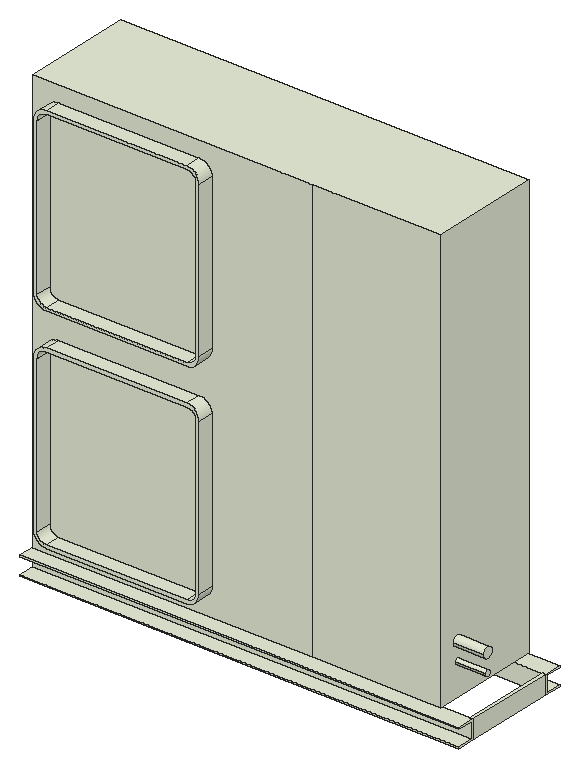
Revit family "Hydrablock 12-14-16", category Attrezzatura meccanica, Revit 2022
Family settings
  Quota connettore circolare = Usa diametro
  Tipo di parte = Normale
  Numero OmniClass = 23.75.00.00
  Titolo OmniClass = Climate Control (HVAC)
  Basato su piano di lavoro = No
  Sempre verticale = Sì
  Taglio con vuoti quando caricato = No
  Mantieni orientamento annotazione = No
  Condiviso = No
  Punto di calcolo locali = No
Parameters (values of type "Hydrablock 14 M")
  clearance access right = 600.000 mm
  clearance access left = 600.000 mm
  clearance access front = 1500.000 mm
  clearance access behind = 300.000 mm
  clearance [instance] = no
  Width = 1404.000 mm
  Water piping connections = 32.000 mm
  URL = "https://cac.midea.com/category/Heat-Pump-Water-Heater/M-Thermal-Mono"
  Series = "M-Thermal"
  Prospetto di default = 0.000 mm
  Power supply = "220-240V 1N~50Hz"
  Net Weight = 158.00 kg
  Modello = "MHC-V14W/D2N8"
  Minimum Circuit Amps = 26.8 A
  Min cable selection (power wiring) = "3×6 mm2"
  Produttore = "Midea"
  Machine material = Galvanized Steel
  MOP (Maximum overcurrent protection) = 30 A
  Installation = "Outdoor installation"
  Height = 1414.000 mm
  Heating capacity (EWT 40⁰C, LWT 45⁰C) = 14.1 kW
  Heating capacity (EWT 30⁰C, LWT 35⁰C) = 14.1 kW
  Heating Power Input (EWT 40⁰C, LWT 45⁰C) = 4.063 kW
  Heating Power Input (EWT 30⁰C, LWT 35⁰C) = 3.065 kW
  Gas = "R32"
  Drain piping = 16.000 mm
  Descrizione = "High efficiency air cooled"
  Depth = 405.000 mm
  Cooling capacity (EWT 23⁰C, LWT 18⁰C) = 14 kW
  Cooling capacity (EWT 12⁰C, LWT 7⁰C) = 12.9 kW
  Cooling Power Input(EWT 12⁰C, LWT 7⁰C) = 4.64 kW
  Cooling Power Input (EWT 23⁰C, LWT 18⁰C) = 3.101 kW
  Condensation = "air"
  Compressor = "1"
  Casing color = "SB2014"
  Air Flow = 6150 m³/h
Reference planes
  plane 1 "中心(前/后)": y = 0
  plane 2: z = 0
  plane 3 "中心(左/右)": x = 0
  plane 4: x = 1022.405
  plane 5: x = 1404
Forms (mm)
  Extrusion 1, solid, material "Galvanized Steel" <- "Machine material", detail levels medium+fine
    sketch origin (0, 0, 0) x (1, 0, 0) y (0, 1, 0)
      loop
        line (0, 3) -> (0, -352) -> (895, -352) -> (1304, -352) -> (1304, 3) -> (0, 3)
    from 60 to 1414
  Extrusion 2, solid, material "Galvanized Steel" <- "Machine material", detail levels fine
    sketch origin (0, -12.653, 0) x (0, 1, 0) y (0, 0, 1)
      loop
        circle (-274, 165) r 8
    from 1304 to 1404
  Extrusion 3, solid, material "Galvanized Steel" <- "Machine material", detail levels fine
    sketch origin (0, -74.653, 0) x (0, 1, 0) y (0, 0, 1)
      loop
        circle (-212, 224) r 16
    from 1304 to 1404
  Extrusion 4, solid, material "Galvanized Steel" <- "Machine material", detail levels fine
    sketch origin (1160, -352, -132) x (-1, 0, 0) y (0, 0, -1)
      loop
        arc (1075, -815) -> (1103.284, -803.284) -> (1115, -775) r 40
        line (1115, -775) -> (1115, -281)
        arc (1115, -281) -> (1103.284, -252.716) -> (1075, -241) r 40
        line (1075, -241) -> (627, -241)
        arc (627, -241) -> (598.716, -252.716) -> (587, -281) r 40
        line (587, -281) -> (587, -775)
        arc (587, -775) -> (598.716, -803.284) -> (627, -815) r 40
        line (627, -815) -> (1075, -815)
      loop
        arc (1075, -805) -> (1096.213, -796.213) -> (1105, -775) r 30
        line (1105, -775) -> (1105, -279)
        arc (1105, -279) -> (1096.799, -259.201) -> (1077, -251) r 28
        line (1077, -251) -> (627, -251)
        arc (627, -251) -> (605.849, -259.137) -> (597, -280) r 29.017
        line (597, -280) -> (597, -775)
        arc (597, -775) -> (605.787, -796.213) -> (627, -805) r 30
        line (627, -805) -> (1075, -805)
    from 0 to 50
  Extrusion 5, solid, not visible
    sketch origin (1160, -352, 0) x (-1, 0, 0) y (0, 0, -1)
      loop
        arc (1075, -815) -> (1103.284, -803.284) -> (1115, -775) r 40
        line (1115, -775) -> (1115, -281)
        arc (1115, -281) -> (1103.284, -252.716) -> (1075, -241) r 40
        line (1075, -241) -> (627, -241)
        arc (627, -241) -> (598.716, -252.716) -> (587, -281) r 40
        line (587, -281) -> (587, -775)
        arc (587, -775) -> (598.716, -803.284) -> (627, -815) r 40
        line (627, -815) -> (1075, -815)
      loop
        arc (1075, -805) -> (1096.213, -796.213) -> (1105, -775) r 30
        line (1105, -775) -> (1105, -279)
        arc (1105, -279) -> (1096.799, -259.201) -> (1077, -251) r 28
        line (1077, -251) -> (627, -251)
        arc (627, -251) -> (605.849, -259.137) -> (597, -280) r 29.017
        line (597, -280) -> (597, -775)
        arc (597, -775) -> (605.787, -796.213) -> (627, -805) r 30
        line (627, -805) -> (1075, -805)
    from 0 to 45
  Extrusion 6, solid, material "Galvanized Steel" <- "Machine material", not visible, detail levels fine
    sketch origin (1160, -352, -37) x (-1, 0, 0) y (0, 0, -1)
      loop
        arc (1075, -815) -> (1103.284, -803.284) -> (1115, -775) r 40
        line (1115, -775) -> (1115, -281)
        arc (1115, -281) -> (1103.284, -252.716) -> (1075, -241) r 40
        line (1075, -241) -> (627, -241)
        arc (627, -241) -> (598.716, -252.716) -> (587, -281) r 40
        line (587, -281) -> (587, -775)
        arc (587, -775) -> (598.716, -803.284) -> (627, -815) r 40
        line (627, -815) -> (1075, -815)
      loop
        arc (1075, -805) -> (1096.213, -796.213) -> (1105, -775) r 30
        line (1105, -775) -> (1105, -279)
        arc (1105, -279) -> (1096.799, -259.201) -> (1077, -251) r 28
        line (1077, -251) -> (627, -251)
        arc (627, -251) -> (605.849, -259.137) -> (597, -280) r 29.017
        line (597, -280) -> (597, -775)
        arc (597, -775) -> (605.787, -796.213) -> (627, -805) r 30
        line (627, -805) -> (1075, -805)
    from 0 to 51.5
  Extrusion 7, solid, material "Galvanized Steel" <- "Machine material", detail levels fine
    sketch origin (1160, -352, 548) x (-1, 0, 0) y (0, 0, -1)
      loop
        arc (1075, -815) -> (1103.284, -803.284) -> (1115, -775) r 40
        line (1115, -775) -> (1115, -281)
        arc (1115, -281) -> (1103.284, -252.716) -> (1075, -241) r 40
        line (1075, -241) -> (627, -241)
        arc (627, -241) -> (598.716, -252.716) -> (587, -281) r 40
        line (587, -281) -> (587, -775)
        arc (587, -775) -> (598.716, -803.284) -> (627, -815) r 40
        line (627, -815) -> (1075, -815)
      loop
        arc (1075, -805) -> (1096.213, -796.213) -> (1105, -775) r 30
        line (1105, -775) -> (1105, -279)
        arc (1105, -279) -> (1096.799, -259.201) -> (1077, -251) r 28
        line (1077, -251) -> (627, -251)
        arc (627, -251) -> (605.849, -259.137) -> (597, -280) r 29.017
        line (597, -280) -> (597, -775)
        arc (597, -775) -> (605.787, -796.213) -> (627, -805) r 30
        line (627, -805) -> (1075, -805)
    from 0 to 50
Lines and regions (mm)
  model lines, detail levels fine
    curve 1: line (603, -352, 1414) -> (603, -352, 70)
    curve 2: line (55, -402, 395) -> (563, -402, 395)
    curve 3: line (308, -402, 673) -> (308, -402, 119)
    curve 4: circle (308, -402, 396) r 10 normal (0, -1, 0)
    curve 5: circle (308, -402, 396) r 20 normal (0, -1, 0)
    curve 6: circle (308, -402, 396) r 30 normal (0, -1, 0)
    curve 7: circle (309, -402, 395) r 40 normal (0, -1, 0)
    curve 8: circle (308, -402, 396) r 50 normal (0, -1, 0)
    curve 9: circle (308, -402, 396) r 60 normal (0, -1, 0)
    curve 10: circle (308, -402, 396) r 70 normal (0, -1, 0)
    curve 11: circle (308, -402, 396) r 80 normal (0, -1, 0)
    curve 12: circle (308, -402, 396) r 90 normal (0, -1, 0)
    curve 13: circle (308, -402, 396) r 100 normal (0, -1, 0)
    curve 14: circle (308, -402, 396) r 110 normal (0, -1, 0)
    curve 15: circle (308, -402, 396) r 120 normal (0, -1, 0)
    curve 16: circle (308, -402, 396) r 130 normal (0, -1, 0)
    curve 17: circle (308, -402, 396) r 140 normal (0, -1, 0)
    curve 18: circle (308, -402, 396) r 150 normal (0, -1, 0)
    curve 19: circle (308, -402, 396) r 160 normal (0, -1, 0)
    curve 20: circle (308, -402, 396) r 170 normal (0, -1, 0)
    curve 21: circle (309, -402, 395) r 180 normal (0, -1, 0)
    curve 22: circle (308, -402, 396) r 190 normal (0, -1, 0)
    curve 23: circle (308, -402, 396) r 200 normal (0, -1, 0)
    curve 24: circle (308, -402, 396) r 210 normal (0, -1, 0)
    curve 25: circle (308, -402, 396) r 220 normal (0, -1, 0)
    curve 26: circle (308, -402, 396) r 230 normal (0, -1, 0)
    curve 27: circle (308, -402, 396) r 240 normal (0, -1, 0)
    curve 28: circle (308, -402, 396) r 250 normal (0, -1, 0)
    curve 29: line (83, -402, 119) -> (533, -402, 119)
    curve 30: line (563, -402, 148) -> (563, -402, 643)
    curve 31: line (533, -402, 673) -> (85, -402, 673)
    curve 32: line (55, -402, 643) -> (55, -402, 147)
    curve 33: arc (55, -402, 336.075) -> (312.698, -402, 136.042) -> (563, -402, 345.256) r 260
    curve 34: arc (55, -402, 455.925) -> (312.698, -402, 655.958) -> (563, -402, 446.744) r 260
    curve 35: arc (563, -402, 484.741) -> (310.95, -402, 665.984) -> (55, -402, 490.292) r 270
    curve 36: arc (563, -402, 511.65) -> (476.506, -402, 619.619) -> (348.878, -402, 673) r 280
    curve 37: arc (275.593, -402, 673) -> (144.488, -402, 621.574) -> (55, -402, 512.83) r 280
    curve 38: arc (348.878, -402, 119) -> (476.506, -402, 172.381) -> (563, -402, 280.35) r 280
    curve 39: arc (563, -402, 307.259) -> (310.95, -402, 126.016) -> (55, -402, 301.708) r 270
    curve 40: arc (393.855, -402, 119) -> (492.032, -402, 171.875) -> (563, -402, 257.888) r 290
    curve 41: arc (563, -402, 237.965) -> (502.423, -402, 167.527) -> (423.2, -402, 119) r 300
    curve 42: arc (447.18, -402, 119) -> (511.422, -402, 162.078) -> (563, -402, 219.719) r 310
    curve 43: arc (563, -402, 202.674) -> (519.784, -402, 156.11) -> (468.222, -402, 119) r 320
    curve 44: arc (487.363, -402, 119) -> (527.791, -402, 149.846) -> (563, -402, 186.536) r 330
    curve 45: arc (563, -402, 171.111) -> (535.575, -402, 143.394) -> (505.157, -402, 119) r 340
    curve 46: arc (521.942, -402, 119) -> (543.21, -402, 136.816) -> (563, -402, 156.261) r 350
    curve 47: arc (563, -402, 534.112) -> (492.032, -402, 620.125) -> (393.855, -402, 673) r 290
    curve 48: arc (423.2, -402, 673) -> (502.423, -402, 624.473) -> (563, -402, 554.035) r 300
    curve 49: arc (563, -402, 572.281) -> (511.422, -402, 629.922) -> (447.18, -402, 673) r 310
    curve 50: arc (563, -402, 589.326) -> (519.784, -402, 635.89) -> (468.222, -402, 673) r 320
    curve 51: arc (487.363, -402, 673) -> (527.791, -402, 642.154) -> (563, -402, 605.464) r 330
    curve 52: arc (505.157, -402, 673) -> (535.575, -402, 648.606) -> (563, -402, 620.889) r 340
    curve 53: arc (563, -402, 635.739) -> (543.21, -402, 655.184) -> (521.942, -402, 673) r 350
    curve 54: arc (222.145, -402, 673) -> (125.574, -402, 621.435) -> (55, -402, 537.743) r 290
    curve 55: arc (55, -402, 557.217) -> (115.012, -402, 625.686) -> (192.8, -402, 673) r 300
    curve 56: arc (55, -402, 575.14) -> (105.898, -402, 631.063) -> (168.82, -402, 673) r 310
    curve 57: arc (55, -402, 591.936) -> (97.451, -402, 636.975) -> (147.778, -402, 673) r 320
    curve 58: arc (55, -402, 607.875) -> (89.38, -402, 643.195) -> (128.637, -402, 673) r 330
    curve 59: arc (55, -402, 623.137) -> (81.545, -402, 649.61) -> (110.843, -402, 673) r 340
    curve 60: arc (55, -402, 637.849) -> (73.869, -402, 656.159) -> (94.058, -402, 673) r 350
    curve 61: arc (267.122, -402, 119) -> (141.398, -402, 170.958) -> (55, -402, 276.038) r 280
    curve 62: arc (55, -402, 254.257) -> (125.574, -402, 170.565) -> (222.145, -402, 119) r 290
    curve 63: arc (55, -402, 234.783) -> (115.012, -402, 166.314) -> (192.8, -402, 119) r 300
    curve 64: arc (55, -402, 216.86) -> (105.898, -402, 160.937) -> (168.82, -402, 119) r 310
    curve 65: arc (55, -402, 200.064) -> (97.451, -402, 155.025) -> (147.778, -402, 119) r 320
    curve 66: arc (55, -402, 184.125) -> (89.38, -402, 148.805) -> (128.637, -402, 119) r 330
    curve 67: arc (55, -402, 168.863) -> (81.545, -402, 142.39) -> (110.843, -402, 119) r 340
    curve 68: arc (55, -402, 154.151) -> (73.869, -402, 135.841) -> (94.058, -402, 119) r 350
    curve 69: arc (308, -402, 673) -> (169.5, -402, 534.5) -> (308, -402, 396) r 138.5
    curve 70: arc (308, -402, 396) -> (117.532, -402, 473.764) -> (168.82, -402, 673) r 156.438
    curve 71: arc (348.878, -402, 673) -> (257.458, -402, 544.975) -> (308, -402, 396) r 172.46
    curve 72: arc (308, -402, 396) -> (365.674, -402, 582.961) -> (539.779, -402, 672.224) r 251.861
    curve 73: arc (308, -402, 396) -> (433, -402, 521) -> (558, -402, 396) r 125
    curve 74: arc (308, -402, 396) -> (457.703, -402, 415.429) -> (563, -402, 307.259) r 168.671
    curve 75: arc (308, -402, 396) -> (463.817, -402, 300.324) -> (487.363, -402, 119) r 212.164
    curve 76: arc (308, -402, 396) -> (357.878, -402, 257.5) -> (308, -402, 119) r 217.229
    curve 77: arc (308, -402, 396) -> (256.677, -402, 214.52) -> (94.058, -402, 119) r 252.933
    curve 78: arc (308, -402, 396) -> (180.5, -402, 268.5) -> (53, -402, 396) r 127.5
    curve 79: line (813, -352, 795) -> (813, -352, 1020)
    curve 80: line (823, -352, 1020) -> (823, -352, 795)
    curve 81: line (813, -352, 1020) -> (830.5, -352, 1050.311)
    curve 82: line (830.5, -352, 1050.311) -> (860.811, -352, 1067.811)
    curve 83: line (823, -352, 1020) -> (835.5, -352, 1041.651)
    curve 84: line (835.5, -352, 1041.651) -> (865.811, -352, 1059.151)
    curve 85: line (860.811, -352, 1067.811) -> (868.311, -352, 1080.801)
    curve 86: line (865.811, -352, 1059.151) -> (880.811, -352, 1059.151)
    curve 87: line (868.311, -352, 1080.801) -> (989.554, -352, 1150.801)
    curve 88: line (880.811, -352, 1059.151) -> (1002.054, -352, 1129.151)
    curve 89: arc (989.554, -352, 1150.801) -> (1006.63, -352, 1146.226) -> (1002.054, -352, 1129.151) r 12.5
    curve 90: line (868.311, -352, 1139.103) -> (989.554, -352, 1209.103)
    curve 91: line (880.811, -352, 1117.452) -> (1002.054, -352, 1187.452)
    curve 92: arc (989.554, -352, 1209.103) -> (1006.63, -352, 1204.527) -> (1002.054, -352, 1187.452) r 12.5
    curve 93: arc (868.311, -352, 1139.103) -> (863.736, -352, 1122.027) -> (880.811, -352, 1117.452) r 12.5
    curve 94: line (868.311, -352, 1194.103) -> (989.554, -352, 1264.103)
    curve 95: line (880.811, -352, 1172.452) -> (1002.054, -352, 1242.452)
    curve 96: arc (868.311, -352, 1194.103) -> (863.736, -352, 1177.027) -> (880.811, -352, 1172.452) r 12.5
    curve 97: line (989.554, -352, 1264.103) -> (1004.554, -352, 1264.103)
    curve 98: line (1002.054, -352, 1242.452) -> (1008.394, -352, 1256.047)
    curve 99: line (1004.554, -352, 1264.103) -> (1017.136, -352, 1276.684)
    curve 100: line (1017.136, -352, 1276.684) -> (1020.475, -352, 1286.73)
    curve 101: line (1020.475, -352, 1286.73) -> (1020.475, -352, 1341.73)
    curve 102: line (1030.475, -352, 1341.73) -> (1030.475, -352, 1284.357)
    curve 103: line (1030.475, -352, 1284.357) -> (1025.032, -352, 1272.685)
    curve 104: line (1008.394, -352, 1256.047) -> (1025.032, -352, 1272.685)
    curve 105: line (70, -81.257, 1414) -> (1251.595, -81.257, 1414)
    curve 106: line (70, -121.257, 1414) -> (70, -81.257, 1414)
    curve 107: line (1251.595, -121.257, 1414) -> (70, -121.257, 1414)
    curve 108: line (1251.595, -81.257, 1414) -> (1251.595, -121.257, 1414)
    curve 109: line (70, -160.743, 1414) -> (1251.595, -160.743, 1414)
    curve 110: line (70, -200.743, 1414) -> (70, -160.743, 1414)
    curve 111: line (1251.595, -200.743, 1414) -> (70, -200.743, 1414)
    curve 112: line (1251.595, -160.743, 1414) -> (1251.595, -200.743, 1414)
    curve 113: line (70, -240.595, 1414) -> (1251.595, -240.595, 1414)
    curve 114: line (70, -280.595, 1414) -> (70, -240.595, 1414)
    curve 115: line (1251.595, -280.595, 1414) -> (70, -280.595, 1414)
    curve 116: line (1251.595, -240.595, 1414) -> (1251.595, -280.595, 1414)
    curve 194: line (0, -168, 140) -> (0, -95, 140)
    curve 195: line (0, -95, 140) -> (0, -95, 800)
    curve 196: line (0, -95, 800) -> (0, -168, 800)
    curve 197: line (0, -168, 140) -> (0, -168, 800)
    curve 198: line (0, -213, 786) -> (0, -330, 786)
    curve 199: line (0, -213, 786) -> (0, -213, 326)
    curve 200: line (0, -213, 326) -> (0, -330, 326)
    curve 201: line (0, -330, 786) -> (0, -330, 326)
    curve 291: arc (1169.686, -352, 1341.73) -> (1164.686, -352, 1346.73) -> (1159.686, -352, 1341.73) r 5
    curve 292: arc (823, -352, 326) -> (818, -352, 321) -> (813, -352, 326) r 5
    curve 293: line (696.992, -352, 1382.032) -> (1216.203, -352, 1382.032)
    curve 294: line (676.992, -352, 133.032) -> (676.992, -352, 1362.032)
    curve 295: line (1216.203, -352, 113.032) -> (696.992, -352, 113.032)
    curve 296: line (1236.203, -352, 1362.032) -> (1236.203, -352, 133.032)
    curve 297: arc (1236.203, -352, 1362.032) -> (1230.345, -352, 1376.174) -> (1216.203, -352, 1382.032) r 20
    curve 298: arc (676.992, -352, 1362.032) -> (682.85, -352, 1376.174) -> (696.992, -352, 1382.032) r 20
    curve 299: arc (676.992, -352, 133.032) -> (682.85, -352, 118.89) -> (696.992, -352, 113.032) r 20
    curve 300: arc (1236.203, -352, 133.032) -> (1230.345, -352, 118.89) -> (1216.203, -352, 113.032) r 20
    curve 301: line (55, -402, 1075) -> (563, -402, 1075)
    curve 302: line (308, -402, 1353) -> (308, -402, 799)
    curve 303: circle (308, -402, 1076) r 10 normal (0, -1, 0)
    curve 304: circle (308, -402, 1076) r 20 normal (0, -1, 0)
    curve 305: circle (308, -402, 1076) r 30 normal (0, -1, 0)
    curve 306: circle (309, -402, 1075) r 40 normal (0, -1, 0)
    curve 307: circle (308, -402, 1076) r 50 normal (0, -1, 0)
    curve 308: circle (308, -402, 1076) r 60 normal (0, -1, 0)
    curve 309: circle (308, -402, 1076) r 70 normal (0, -1, 0)
    curve 310: circle (308, -402, 1076) r 80 normal (0, -1, 0)
    curve 311: circle (308, -402, 1076) r 90 normal (0, -1, 0)
    curve 312: circle (308, -402, 1076) r 100 normal (0, -1, 0)
    curve 313: circle (308, -402, 1076) r 110 normal (0, -1, 0)
    curve 314: circle (308, -402, 1076) r 120 normal (0, -1, 0)
    curve 315: circle (308, -402, 1076) r 130 normal (0, -1, 0)
    curve 316: circle (308, -402, 1076) r 140 normal (0, -1, 0)
    curve 317: circle (308, -402, 1076) r 150 normal (0, -1, 0)
    curve 318: circle (308, -402, 1076) r 160 normal (0, -1, 0)
    curve 319: circle (308, -402, 1076) r 170 normal (0, -1, 0)
    curve 320: circle (309, -402, 1075) r 180 normal (0, -1, 0)
    curve 321: circle (308, -402, 1076) r 190 normal (0, -1, 0)
    curve 322: circle (308, -402, 1076) r 200 normal (0, -1, 0)
    curve 323: circle (308, -402, 1076) r 210 normal (0, -1, 0)
    curve 324: circle (308, -402, 1076) r 220 normal (0, -1, 0)
    curve 325: circle (308, -402, 1076) r 230 normal (0, -1, 0)
    curve 326: circle (308, -402, 1076) r 240 normal (0, -1, 0)
    curve 327: circle (308, -402, 1076) r 250 normal (0, -1, 0)
    curve 328: line (83, -402, 799) -> (533, -402, 799)
    curve 329: line (563, -402, 828) -> (563, -402, 1323)
    curve 330: line (533, -402, 1353) -> (85, -402, 1353)
    curve 331: line (55, -402, 1323) -> (55, -402, 827)
    curve 332: arc (55, -402, 1016.075) -> (312.698, -402, 816.042) -> (563, -402, 1025.256) r 260
    curve 333: arc (55, -402, 1135.925) -> (312.698, -402, 1335.958) -> (563, -402, 1126.744) r 260
    curve 334: arc (563, -402, 1164.741) -> (310.95, -402, 1345.984) -> (55, -402, 1170.292) r 270
    curve 335: arc (563, -402, 1191.65) -> (476.506, -402, 1299.619) -> (348.878, -402, 1353) r 280
    curve 336: arc (275.593, -402, 1353) -> (144.488, -402, 1301.574) -> (55, -402, 1192.83) r 280
    curve 337: arc (348.878, -402, 799) -> (476.506, -402, 852.381) -> (563, -402, 960.35) r 280
    curve 338: arc (563, -402, 987.259) -> (310.95, -402, 806.016) -> (55, -402, 981.708) r 270
    curve 339: arc (393.855, -402, 799) -> (492.032, -402, 851.875) -> (563, -402, 937.888) r 290
    curve 340: arc (563, -402, 917.965) -> (502.423, -402, 847.527) -> (423.2, -402, 799) r 300
    curve 341: arc (447.18, -402, 799) -> (511.422, -402, 842.078) -> (563, -402, 899.719) r 310
    curve 342: arc (563, -402, 882.674) -> (519.784, -402, 836.11) -> (468.222, -402, 799) r 320
    curve 343: arc (487.363, -402, 799) -> (527.791, -402, 829.846) -> (563, -402, 866.536) r 330
    curve 344: arc (563, -402, 851.111) -> (535.575, -402, 823.394) -> (505.157, -402, 799) r 340
    curve 345: arc (521.942, -402, 799) -> (543.21, -402, 816.816) -> (563, -402, 836.261) r 350
    curve 346: arc (563, -402, 1214.112) -> (492.032, -402, 1300.125) -> (393.855, -402, 1353) r 290
    curve 347: arc (423.2, -402, 1353) -> (502.423, -402, 1304.473) -> (563, -402, 1234.035) r 300
    curve 348: arc (563, -402, 1252.281) -> (511.422, -402, 1309.922) -> (447.18, -402, 1353) r 310
    curve 349: arc (563, -402, 1269.326) -> (519.784, -402, 1315.89) -> (468.222, -402, 1353) r 320
    curve 350: arc (487.363, -402, 1353) -> (527.791, -402, 1322.154) -> (563, -402, 1285.464) r 330
    curve 351: arc (505.157, -402, 1353) -> (535.575, -402, 1328.606) -> (563, -402, 1300.889) r 340
    curve 352: arc (563, -402, 1315.739) -> (543.21, -402, 1335.184) -> (521.942, -402, 1353) r 350
    curve 353: arc (222.145, -402, 1353) -> (125.574, -402, 1301.435) -> (55, -402, 1217.743) r 290
    curve 354: arc (55, -402, 1237.217) -> (115.012, -402, 1305.686) -> (192.8, -402, 1353) r 300
    curve 355: arc (55, -402, 1255.14) -> (105.898, -402, 1311.063) -> (168.82, -402, 1353) r 310
    curve 356: arc (55, -402, 1271.936) -> (97.451, -402, 1316.975) -> (147.778, -402, 1353) r 320
    curve 357: arc (55, -402, 1287.875) -> (89.38, -402, 1323.195) -> (128.637, -402, 1353) r 330
    curve 358: arc (55, -402, 1303.137) -> (81.545, -402, 1329.61) -> (110.843, -402, 1353) r 340
    curve 359: arc (55, -402, 1317.849) -> (73.869, -402, 1336.159) -> (94.058, -402, 1353) r 350
    curve 360: arc (267.122, -402, 799) -> (141.398, -402, 850.958) -> (55, -402, 956.038) r 280
    curve 361: arc (55, -402, 934.257) -> (125.574, -402, 850.565) -> (222.145, -402, 799) r 290
    curve 362: arc (55, -402, 914.783) -> (115.012, -402, 846.314) -> (192.8, -402, 799) r 300
    curve 363: arc (55, -402, 896.86) -> (105.898, -402, 840.937) -> (168.82, -402, 799) r 310
    curve 364: arc (55, -402, 880.064) -> (97.451, -402, 835.025) -> (147.778, -402, 799) r 320
    curve 365: arc (55, -402, 864.125) -> (89.38, -402, 828.805) -> (128.637, -402, 799) r 330
    curve 366: arc (55, -402, 848.863) -> (81.545, -402, 822.39) -> (110.843, -402, 799) r 340
    curve 367: arc (55, -402, 834.151) -> (73.869, -402, 815.841) -> (94.058, -402, 799) r 350
    curve 368: arc (308, -402, 1353) -> (169.5, -402, 1214.5) -> (308, -402, 1076) r 138.5
    curve 369: arc (308, -402, 1076) -> (117.532, -402, 1153.764) -> (168.82, -402, 1353) r 156.438
    curve 370: arc (348.878, -402, 1353) -> (257.458, -402, 1224.975) -> (308, -402, 1076) r 172.46
    curve 371: arc (308, -402, 1076) -> (365.674, -402, 1262.961) -> (539.779, -402, 1352.224) r 251.861
    curve 372: arc (308, -402, 1076) -> (433, -402, 1201) -> (558, -402, 1076) r 125
    curve 373: arc (308, -402, 1076) -> (457.703, -402, 1095.429) -> (563, -402, 987.259) r 168.671
    curve 374: arc (308, -402, 1076) -> (463.817, -402, 980.324) -> (487.363, -402, 799) r 212.164
    curve 375: arc (308, -402, 1076) -> (357.878, -402, 937.5) -> (308, -402, 799) r 217.229
    curve 376: arc (308, -402, 1076) -> (256.677, -402, 894.52) -> (94.058, -402, 799) r 252.933
    curve 377: arc (308, -402, 1076) -> (180.5, -402, 948.5) -> (53, -402, 1076) r 127.5
  model lines, not visible
    curve 117: line (55, -397, 527) -> (563, -397, 527)
    curve 118: line (308, -397, 805) -> (308, -397, 251)
    curve 119: circle (308, -397, 528) r 10 normal (0, -1, 0)
    curve 120: circle (308, -397, 528) r 20 normal (0, -1, 0)
    curve 121: circle (308, -397, 528) r 30 normal (0, -1, 0)
    curve 122: circle (309, -397, 527) r 40 normal (0, -1, 0)
    curve 123: circle (308, -397, 528) r 50 normal (0, -1, 0)
    curve 124: circle (308, -397, 528) r 60 normal (0, -1, 0)
    curve 125: circle (308, -397, 528) r 70 normal (0, -1, 0)
    curve 126: circle (308, -397, 528) r 80 normal (0, -1, 0)
    curve 127: circle (308, -397, 528) r 90 normal (0, -1, 0)
    curve 128: circle (308, -397, 528) r 100 normal (0, -1, 0)
    curve 129: circle (308, -397, 528) r 110 normal (0, -1, 0)
    curve 130: circle (308, -397, 528) r 120 normal (0, -1, 0)
    curve 131: circle (308, -397, 528) r 130 normal (0, -1, 0)
    curve 132: circle (308, -397, 528) r 140 normal (0, -1, 0)
    curve 133: circle (308, -397, 528) r 150 normal (0, -1, 0)
    curve 134: circle (308, -397, 528) r 160 normal (0, -1, 0)
    curve 135: circle (308, -397, 528) r 170 normal (0, -1, 0)
    curve 136: circle (309, -397, 527) r 180 normal (0, -1, 0)
    curve 137: circle (308, -397, 528) r 190 normal (0, -1, 0)
    curve 138: circle (308, -397, 528) r 200 normal (0, -1, 0)
    curve 139: circle (308, -397, 528) r 210 normal (0, -1, 0)
    curve 140: circle (308, -397, 528) r 220 normal (0, -1, 0)
    curve 141: circle (308, -397, 528) r 230 normal (0, -1, 0)
    curve 142: circle (308, -397, 528) r 240 normal (0, -1, 0)
    curve 143: circle (308, -397, 528) r 250 normal (0, -1, 0)
    curve 144: line (83, -397, 251) -> (533, -397, 251)
    curve 145: line (563, -397, 280) -> (563, -397, 775)
    curve 146: line (533, -397, 805) -> (85, -397, 805)
    curve 147: line (55, -397, 775) -> (55, -397, 279)
    curve 148: arc (55, -397, 468.075) -> (312.698, -397, 268.042) -> (563, -397, 477.256) r 260
    curve 149: arc (55, -397, 587.925) -> (312.698, -397, 787.958) -> (563, -397, 578.744) r 260
    curve 150: arc (563, -397, 616.741) -> (310.95, -397, 797.984) -> (55, -397, 622.292) r 270
    curve 151: arc (563, -397, 643.65) -> (476.506, -397, 751.619) -> (348.878, -397, 805) r 280
    curve 152: arc (275.593, -397, 805) -> (144.488, -397, 753.574) -> (55, -397, 644.83) r 280
    curve 153: arc (348.878, -397, 251) -> (476.506, -397, 304.381) -> (563, -397, 412.35) r 280
    curve 154: arc (563, -397, 439.259) -> (310.95, -397, 258.016) -> (55, -397, 433.708) r 270
    curve 155: arc (393.855, -397, 251) -> (492.032, -397, 303.875) -> (563, -397, 389.888) r 290
    curve 156: arc (563, -397, 369.965) -> (502.423, -397, 299.527) -> (423.2, -397, 251) r 300
    curve 157: arc (447.18, -397, 251) -> (511.422, -397, 294.078) -> (563, -397, 351.719) r 310
    curve 158: arc (563, -397, 334.674) -> (519.784, -397, 288.11) -> (468.222, -397, 251) r 320
    curve 159: arc (487.363, -397, 251) -> (527.791, -397, 281.846) -> (563, -397, 318.536) r 330
    curve 160: arc (563, -397, 303.111) -> (535.575, -397, 275.394) -> (505.157, -397, 251) r 340
    curve 161: arc (521.942, -397, 251) -> (543.21, -397, 268.816) -> (563, -397, 288.261) r 350
    curve 162: arc (563, -397, 666.112) -> (492.032, -397, 752.125) -> (393.855, -397, 805) r 290
    curve 163: arc (423.2, -397, 805) -> (502.423, -397, 756.473) -> (563, -397, 686.035) r 300
    curve 164: arc (563, -397, 704.281) -> (511.422, -397, 761.922) -> (447.18, -397, 805) r 310
    curve 165: arc (563, -397, 721.326) -> (519.784, -397, 767.89) -> (468.222, -397, 805) r 320
    curve 166: arc (487.363, -397, 805) -> (527.791, -397, 774.154) -> (563, -397, 737.464) r 330
    curve 167: arc (505.157, -397, 805) -> (535.575, -397, 780.606) -> (563, -397, 752.889) r 340
    curve 168: arc (563, -397, 767.739) -> (543.21, -397, 787.184) -> (521.942, -397, 805) r 350
    curve 169: arc (222.145, -397, 805) -> (125.574, -397, 753.435) -> (55, -397, 669.743) r 290
    curve 170: arc (55, -397, 689.217) -> (115.012, -397, 757.686) -> (192.8, -397, 805) r 300
    curve 171: arc (55, -397, 707.14) -> (105.898, -397, 763.063) -> (168.82, -397, 805) r 310
    curve 172: arc (55, -397, 723.936) -> (97.451, -397, 768.975) -> (147.778, -397, 805) r 320
    curve 173: arc (55, -397, 739.875) -> (89.38, -397, 775.195) -> (128.637, -397, 805) r 330
    curve 174: arc (55, -397, 755.137) -> (81.545, -397, 781.61) -> (110.843, -397, 805) r 340
    curve 175: arc (55, -397, 769.849) -> (73.869, -397, 788.159) -> (94.058, -397, 805) r 350
    curve 176: arc (267.122, -397, 251) -> (141.398, -397, 302.958) -> (55, -397, 408.038) r 280
    curve 177: arc (55, -397, 386.257) -> (125.574, -397, 302.565) -> (222.145, -397, 251) r 290
    curve 178: arc (55, -397, 366.783) -> (115.012, -397, 298.314) -> (192.8, -397, 251) r 300
    curve 179: arc (55, -397, 348.86) -> (105.898, -397, 292.937) -> (168.82, -397, 251) r 310
    curve 180: arc (55, -397, 332.064) -> (97.451, -397, 287.025) -> (147.778, -397, 251) r 320
    curve 181: arc (55, -397, 316.125) -> (89.38, -397, 280.805) -> (128.637, -397, 251) r 330
    curve 182: arc (55, -397, 300.863) -> (81.545, -397, 274.39) -> (110.843, -397, 251) r 340
    curve 183: arc (55, -397, 286.151) -> (73.869, -397, 267.841) -> (94.058, -397, 251) r 350
    curve 184: arc (308, -397, 805) -> (169.5, -397, 666.5) -> (308, -397, 528) r 138.5
    curve 185: arc (308, -397, 528) -> (117.532, -397, 605.764) -> (168.82, -397, 805) r 156.438
    curve 186: arc (348.878, -397, 805) -> (257.458, -397, 676.975) -> (308, -397, 528) r 172.46
    curve 187: arc (308, -397, 528) -> (365.674, -397, 714.961) -> (539.779, -397, 804.224) r 251.861
    curve 188: arc (308, -397, 528) -> (433, -397, 653) -> (558, -397, 528) r 125
    curve 189: arc (308, -397, 528) -> (457.703, -397, 547.429) -> (563, -397, 439.259) r 168.671
    curve 190: arc (308, -397, 528) -> (463.817, -397, 432.324) -> (487.363, -397, 251) r 212.164
    curve 191: arc (308, -397, 528) -> (357.878, -397, 389.5) -> (308, -397, 251) r 217.229
    curve 192: arc (308, -397, 528) -> (256.677, -397, 346.52) -> (94.058, -397, 251) r 252.933
    curve 193: arc (308, -397, 528) -> (180.5, -397, 400.5) -> (53, -397, 528) r 127.5
  model lines
    curve 202: line (0, -352, 1414) -> (0, 3, 1414)
    curve 203: line (0, 3, 1414) -> (1304, 3, 1414)
    curve 204: line (1304, -352, 1414) -> (0, -352, 1414)
    curve 205: line (0, -352, 60) -> (0, 3, 60)
    curve 206: line (0, 3, 60) -> (1304, 3, 60)
    curve 207: line (1304, -352, 60) -> (0, -352, 60)
    curve 208: line (0, 3, 1414) -> (0, 3, 60)
    curve 209: line (0, -352, 1414) -> (0, -352, 60)
    curve 210: line (1304, -352, 1414) -> (1304, -352, 60)
    curve 211: line (1304, -352, 60) -> (1304, 3, 60)
    curve 212: line (1304, 3, 60) -> (1304, 3, 1414)
    curve 213: line (1304, 3, 1414) -> (1304, -352, 1414)
  model lines, not visible, detail levels fine
    curve 214: line (55, -403.5, 490) -> (563, -403.5, 490)
    curve 215: line (308, -403.5, 768) -> (308, -403.5, 214)
    curve 216: circle (308, -403.5, 491) r 10 normal (0, -1, 0)
    curve 217: circle (308, -403.5, 491) r 20 normal (0, -1, 0)
    curve 218: circle (308, -403.5, 491) r 30 normal (0, -1, 0)
    curve 219: circle (309, -403.5, 490) r 40 normal (0, -1, 0)
    curve 220: circle (308, -403.5, 491) r 50 normal (0, -1, 0)
    curve 221: circle (308, -403.5, 491) r 60 normal (0, -1, 0)
    curve 222: circle (308, -403.5, 491) r 70 normal (0, -1, 0)
    curve 223: circle (308, -403.5, 491) r 80 normal (0, -1, 0)
    curve 224: circle (308, -403.5, 491) r 90 normal (0, -1, 0)
    curve 225: circle (308, -403.5, 491) r 100 normal (0, -1, 0)
    curve 226: circle (308, -403.5, 491) r 110 normal (0, -1, 0)
    curve 227: circle (308, -403.5, 491) r 120 normal (0, -1, 0)
    curve 228: circle (308, -403.5, 491) r 130 normal (0, -1, 0)
    curve 229: circle (308, -403.5, 491) r 140 normal (0, -1, 0)
    curve 230: circle (308, -403.5, 491) r 150 normal (0, -1, 0)
    curve 231: circle (308, -403.5, 491) r 160 normal (0, -1, 0)
    curve 232: circle (308, -403.5, 491) r 170 normal (0, -1, 0)
    curve 233: circle (309, -403.5, 490) r 180 normal (0, -1, 0)
    curve 234: circle (308, -403.5, 491) r 190 normal (0, -1, 0)
    curve 235: circle (308, -403.5, 491) r 200 normal (0, -1, 0)
    curve 236: circle (308, -403.5, 491) r 210 normal (0, -1, 0)
    curve 237: circle (308, -403.5, 491) r 220 normal (0, -1, 0)
    curve 238: circle (308, -403.5, 491) r 230 normal (0, -1, 0)
    curve 239: circle (308, -403.5, 491) r 240 normal (0, -1, 0)
    curve 240: circle (308, -403.5, 491) r 250 normal (0, -1, 0)
    curve 241: line (83, -403.5, 214) -> (533, -403.5, 214)
    curve 242: line (563, -403.5, 243) -> (563, -403.5, 738)
    curve 243: line (533, -403.5, 768) -> (85, -403.5, 768)
    curve 244: line (55, -403.5, 738) -> (55, -403.5, 242)
    curve 245: arc (55, -403.5, 431.075) -> (312.698, -403.5, 231.042) -> (563, -403.5, 440.256) r 260
    curve 246: arc (55, -403.5, 550.925) -> (312.698, -403.5, 750.958) -> (563, -403.5, 541.744) r 260
    curve 247: arc (563, -403.5, 579.741) -> (310.95, -403.5, 760.984) -> (55, -403.5, 585.292) r 270
    curve 248: arc (563, -403.5, 606.65) -> (476.506, -403.5, 714.619) -> (348.878, -403.5, 768) r 280
    curve 249: arc (275.593, -403.5, 768) -> (144.488, -403.5, 716.574) -> (55, -403.5, 607.83) r 280
    curve 250: arc (348.878, -403.5, 214) -> (476.506, -403.5, 267.381) -> (563, -403.5, 375.35) r 280
    curve 251: arc (563, -403.5, 402.259) -> (310.95, -403.5, 221.016) -> (55, -403.5, 396.708) r 270
    curve 252: arc (393.855, -403.5, 214) -> (492.032, -403.5, 266.875) -> (563, -403.5, 352.888) r 290
    curve 253: arc (563, -403.5, 332.965) -> (502.423, -403.5, 262.527) -> (423.2, -403.5, 214) r 300
    curve 254: arc (447.18, -403.5, 214) -> (511.422, -403.5, 257.078) -> (563, -403.5, 314.719) r 310
    curve 255: arc (563, -403.5, 297.674) -> (519.784, -403.5, 251.11) -> (468.222, -403.5, 214) r 320
    curve 256: arc (487.363, -403.5, 214) -> (527.791, -403.5, 244.846) -> (563, -403.5, 281.536) r 330
    curve 257: arc (563, -403.5, 266.111) -> (535.575, -403.5, 238.394) -> (505.157, -403.5, 214) r 340
    curve 258: arc (521.942, -403.5, 214) -> (543.21, -403.5, 231.816) -> (563, -403.5, 251.261) r 350
    curve 259: arc (563, -403.5, 629.112) -> (492.032, -403.5, 715.125) -> (393.855, -403.5, 768) r 290
    curve 260: arc (423.2, -403.5, 768) -> (502.423, -403.5, 719.473) -> (563, -403.5, 649.035) r 300
    curve 261: arc (563, -403.5, 667.281) -> (511.422, -403.5, 724.922) -> (447.18, -403.5, 768) r 310
    curve 262: arc (563, -403.5, 684.326) -> (519.784, -403.5, 730.89) -> (468.222, -403.5, 768) r 320
    curve 263: arc (487.363, -403.5, 768) -> (527.791, -403.5, 737.154) -> (563, -403.5, 700.464) r 330
    curve 264: arc (505.157, -403.5, 768) -> (535.575, -403.5, 743.606) -> (563, -403.5, 715.889) r 340
    curve 265: arc (563, -403.5, 730.739) -> (543.21, -403.5, 750.184) -> (521.942, -403.5, 768) r 350
    curve 266: arc (222.145, -403.5, 768) -> (125.574, -403.5, 716.435) -> (55, -403.5, 632.743) r 290
    curve 267: arc (55, -403.5, 652.217) -> (115.012, -403.5, 720.686) -> (192.8, -403.5, 768) r 300
    curve 268: arc (55, -403.5, 670.14) -> (105.898, -403.5, 726.063) -> (168.82, -403.5, 768) r 310
    curve 269: arc (55, -403.5, 686.936) -> (97.451, -403.5, 731.975) -> (147.778, -403.5, 768) r 320
    curve 270: arc (55, -403.5, 702.875) -> (89.38, -403.5, 738.195) -> (128.637, -403.5, 768) r 330
    curve 271: arc (55, -403.5, 718.137) -> (81.545, -403.5, 744.61) -> (110.843, -403.5, 768) r 340
    curve 272: arc (55, -403.5, 732.849) -> (73.869, -403.5, 751.159) -> (94.058, -403.5, 768) r 350
    curve 273: arc (267.122, -403.5, 214) -> (141.398, -403.5, 265.958) -> (55, -403.5, 371.038) r 280
    curve 274: arc (55, -403.5, 349.257) -> (125.574, -403.5, 265.565) -> (222.145, -403.5, 214) r 290
    curve 275: arc (55, -403.5, 329.783) -> (115.012, -403.5, 261.314) -> (192.8, -403.5, 214) r 300
    curve 276: arc (55, -403.5, 311.86) -> (105.898, -403.5, 255.937) -> (168.82, -403.5, 214) r 310
    curve 277: arc (55, -403.5, 295.064) -> (97.451, -403.5, 250.025) -> (147.778, -403.5, 214) r 320
    curve 278: arc (55, -403.5, 279.125) -> (89.38, -403.5, 243.805) -> (128.637, -403.5, 214) r 330
    curve 279: arc (55, -403.5, 263.863) -> (81.545, -403.5, 237.39) -> (110.843, -403.5, 214) r 340
    curve 280: arc (55, -403.5, 249.151) -> (73.869, -403.5, 230.841) -> (94.058, -403.5, 214) r 350
    curve 281: arc (308, -403.5, 768) -> (169.5, -403.5, 629.5) -> (308, -403.5, 491) r 138.5
    curve 282: arc (308, -403.5, 491) -> (117.532, -403.5, 568.764) -> (168.82, -403.5, 768) r 156.438
    curve 283: arc (348.878, -403.5, 768) -> (257.458, -403.5, 639.975) -> (308, -403.5, 491) r 172.46
    curve 284: arc (308, -403.5, 491) -> (365.674, -403.5, 677.961) -> (539.779, -403.5, 767.224) r 251.861
    curve 285: arc (308, -403.5, 491) -> (433, -403.5, 616) -> (558, -403.5, 491) r 125
    curve 286: arc (308, -403.5, 491) -> (457.703, -403.5, 510.429) -> (563, -403.5, 402.259) r 168.671
    curve 287: arc (308, -403.5, 491) -> (463.817, -403.5, 395.324) -> (487.363, -403.5, 214) r 212.164
    curve 288: arc (308, -403.5, 491) -> (357.878, -403.5, 352.5) -> (308, -403.5, 214) r 217.229
    curve 289: arc (308, -403.5, 491) -> (256.677, -403.5, 309.52) -> (94.058, -403.5, 214) r 252.933
    curve 290: arc (308, -403.5, 491) -> (180.5, -403.5, 363.5) -> (53, -403.5, 491) r 127.5
Dimensions and locks
  "Height": Extrusion 1 to level
  "Width": Extrusion 1 to Extrusion 3
  "clearance access front": nested 1 to nested 1
  "clearance access right": nested 2 to nested 2
  "clearance access behind": nested 3 to nested 3
  "clearance access left": nested 4 to nested 4
  "Depth": nested 3 to nested 2
  "Water piping connections": diameter of Extrusion 3
  "Drain piping": diameter of Extrusion 2
  aligned and locked: level to plane 2
Automatic sketch dimensions
  Extrusion 6 sketch curve to Extrusion 6 sketch curve = 0.000 mm  (x9)
  Extrusion 6 sketch curve to Extrusion 6 sketch curve = 10.000 mm
  Extrusion 6 sketch curve to Extrusion 6 sketch curve = 30.000 mm  (x3)
  Extrusion 6 sketch curve to Extrusion 6 sketch curve = 2.000 mm
  Extrusion 6 sketch curve to Extrusion 6 sketch curve = 28.000 mm
  Extrusion 6 sketch curve to Extrusion 6 sketch curve = 0.983 mm
  Extrusion 6 sketch curve to Extrusion 6 sketch curve = 1.000 mm
  Extrusion 6 sketch curve to Extrusion 6 sketch curve = 448.000 mm
  Extrusion 6 sketch curve to Extrusion 6 sketch curve = 494.000 mm
  plane 1 "中心(前/后)" to curve 201 = 330.000 mm
  level to curve 194 = 140.000 mm
  curve 198 to curve 199 = 117.000 mm
  plane 1 "中心(前/后)" to curve 197 = 168.000 mm
  curve 194 to curve 195 = 73.000 mm
  curve 194 to curve 199 = 186.000 mm
  curve 200 to curve 198 = 460.000 mm
  curve 198 to curve 195 = 14.000 mm
  Extrusion 1 sketch curve to plane 1 "中心(前/后)" = 3.000 mm
  Extrusion 1 sketch curve to plane 3 "中心(左/右)" = 0.000 mm
  plane 4 to Extrusion 1 sketch curve = 127.405 mm
  plane 1 "中心(前/后)" to Extrusion 1 sketch curve = 352.000 mm
  Extrusion 1 sketch curve to plane 4 = 281.595 mm
  plane 1 "中心(前/后)" to Extrusion 2 sketch curve = 286.653 mm
  level to Extrusion 2 sketch curve = 165.000 mm
  plane 1 "中心(前/后)" to Extrusion 3 sketch curve = 286.653 mm
  level to Extrusion 3 sketch curve = 224.000 mm
  Extrusion 1 to curve 103 = 135.475 mm
  Extrusion 1 to curve 101 = 127.270 mm
  curve 1 to Extrusion 1 = 0.000 mm
  curve 102 to curve 103 = 5.443 mm
  curve 102 to curve 101 = 10.000 mm
  curve 103 to curve 100 = 7.896 mm
  curve 99 to curve 98 = 8.742 mm
  curve 98 to curve 97 = 3.839 mm
  curve 98 to curve 95 = 6.339 mm
  curve 95 to curve 91 = 0.000 mm
  curve 91 to curve 88 = 0.000 mm
  curve 92 to curve 90 = 12.500 mm
  curve 97 to curve 97 = 15.000 mm
  curve 89 to curve 87 = 12.500 mm
  curve 91 to Extrusion 1 = 14.189 mm
  curve 86 to Extrusion 1 = 14.189 mm
  curve 95 to Extrusion 1 = 14.189 mm
  curve 91 to curve 90 = 12.500 mm
  curve 95 to curve 94 = 12.500 mm
  curve 86 to curve 85 = 12.500 mm
  curve 86 to curve 86 = 15.000 mm
  curve 84 to curve 82 = 5.000 mm
  curve 84 to curve 84 = 30.311 mm
  curve 83 to curve 81 = 5.000 mm
  curve 83 to curve 83 = 12.500 mm
  curve 80 to curve 79 = 10.000 mm
  curve 92 to curve 90 = 6.250 mm
  curve 89 to curve 87 = 6.250 mm
  curve 93 to curve 90 = 6.250 mm
  curve 96 to curve 94 = 6.250 mm
  curve 1 to Extrusion 1 = 292.000 mm
  curve 100 to curve 103 = 2.373 mm
  curve 100 to curve 99 = 10.046 mm
  curve 99 to curve 103 = 3.999 mm
  curve 99 to curve 97 = 12.581 mm
  curve 97 to curve 104 = 8.056 mm
  curve 98 to curve 95 = 13.595 mm
  curve 95 to curve 90 = 33.349 mm  (x2)
  curve 90 to curve 94 = 15.000 mm
  curve 90 to curve 91 = 21.651 mm  (x2)
  curve 94 to curve 95 = 21.651 mm
  curve 91 to curve 87 = 36.651 mm
  curve 87 to curve 88 = 21.651 mm
  curve 93 to curve 85 = 36.651 mm
  curve 85 to curve 85 = 12.990 mm
  curve 82 to curve 88 = 8.660 mm
  curve 82 to curve 82 = 17.500 mm
  curve 81 to curve 83 = 8.660 mm
  curve 83 to curve 79 = 21.651 mm
  curve 83 to curve 79 = 0.000 mm
  curve 101 to curve 100 = 55.000 mm
  curve 102 to curve 101 = 0.000 mm
  curve 79 to curve 79 = 225.000 mm
  curve 80 to curve 79 = 0.000 mm
  Extrusion 1 to curve 1 = 10.000 mm
  Extrusion 4 sketch curve to Extrusion 4 sketch curve = 0.000 mm  (x5)
  plane 3 "中心(左/右)" to Extrusion 4 sketch curve = 573.000 mm
  plane 3 "中心(左/右)" to Extrusion 4 sketch curve = 533.000 mm
  level to Extrusion 4 sketch curve = 683.000 mm
  Extrusion 4 sketch curve to Extrusion 4 sketch curve = 10.000 mm
  Extrusion 4 sketch curve to Extrusion 4 sketch curve = 30.000 mm
  plane 3 "中心(左/右)" to Extrusion 4 sketch curve = 85.000 mm  (x2)
  Extrusion 4 sketch curve to Extrusion 4 sketch curve = 2.000 mm
  Extrusion 4 sketch curve to Extrusion 4 sketch curve = 28.000 mm
  Extrusion 4 sketch curve to Extrusion 4 sketch curve = 0.983 mm
  level to Extrusion 4 sketch curve = 149.000 mm
  Extrusion 4 sketch curve to Extrusion 4 sketch curve = 1.000 mm
  curve 4 to curve 5 = 0.000 mm  (x2)
  curve 4 to curve 6 = 0.000 mm  (x2)
  curve 4 to curve 8 = 0.000 mm  (x2)
  curve 4 to curve 9 = 0.000 mm  (x2)
  curve 4 to curve 10 = 0.000 mm  (x2)
  curve 4 to curve 11 = 0.000 mm  (x2)
  curve 4 to curve 12 = 0.000 mm  (x2)
  curve 4 to curve 13 = 0.000 mm  (x2)
  curve 4 to curve 14 = 0.000 mm  (x2)
  curve 4 to curve 15 = 0.000 mm  (x2)
  curve 4 to curve 16 = 0.000 mm  (x2)
  curve 4 to curve 17 = 0.000 mm  (x2)
  curve 4 to curve 18 = 0.000 mm  (x2)
  curve 4 to curve 19 = 0.000 mm  (x2)
  curve 4 to curve 20 = 0.000 mm  (x2)
  curve 4 to curve 22 = 0.000 mm  (x2)
  curve 4 to curve 23 = 0.000 mm  (x2)
  curve 4 to curve 24 = 0.000 mm  (x2)
  curve 4 to curve 25 = 0.000 mm  (x2)
  curve 4 to curve 26 = 0.000 mm  (x2)
  curve 4 to curve 27 = 0.000 mm  (x2)
  curve 4 to curve 28 = 0.000 mm  (x2)
  curve 4 to curve 33 = 0.000 mm  (x2)
  curve 4 to curve 34 = 0.000 mm  (x2)
  curve 4 to curve 35 = 0.000 mm  (x2)
  curve 4 to curve 36 = 0.000 mm  (x2)
  curve 4 to curve 38 = 0.000 mm  (x2)
  curve 4 to curve 39 = 0.000 mm  (x2)
  curve 4 to curve 40 = 0.000 mm  (x2)
  curve 4 to curve 41 = 0.000 mm  (x2)
  curve 4 to curve 42 = 0.000 mm  (x2)
  curve 4 to curve 43 = 0.000 mm  (x2)
  curve 4 to curve 44 = 0.000 mm  (x2)
  curve 4 to curve 45 = 0.000 mm  (x2)
  curve 4 to curve 46 = 0.000 mm  (x2)
  curve 4 to curve 47 = 0.000 mm  (x2)
  curve 4 to curve 48 = 0.000 mm  (x2)
  curve 4 to curve 49 = 0.000 mm  (x2)
  curve 4 to curve 50 = 0.000 mm  (x2)
  curve 4 to curve 51 = 0.000 mm  (x2)
  curve 4 to curve 52 = 0.000 mm  (x2)
  curve 4 to curve 53 = 0.000 mm  (x2)
  curve 4 to curve 54 = 0.000 mm  (x2)
  curve 4 to curve 55 = 0.000 mm  (x2)
  curve 4 to curve 56 = 0.000 mm  (x2)
  curve 4 to curve 57 = 0.000 mm  (x2)
  curve 4 to curve 58 = 0.000 mm  (x2)
  curve 4 to curve 59 = 0.000 mm  (x2)
  curve 4 to curve 60 = 0.000 mm  (x2)
  curve 4 to curve 61 = 0.000 mm  (x2)
  curve 4 to curve 62 = 0.000 mm  (x2)
  curve 4 to curve 63 = 0.000 mm  (x2)
  curve 4 to curve 64 = 0.000 mm  (x2)
  curve 4 to curve 65 = 0.000 mm  (x2)
  curve 4 to curve 66 = 0.000 mm  (x2)
  curve 4 to curve 67 = 0.000 mm  (x2)
  curve 4 to curve 68 = 0.000 mm  (x2)
  curve 5 to curve 6 = 0.000 mm  (x2)
  curve 5 to curve 8 = 0.000 mm  (x2)
  curve 5 to curve 9 = 0.000 mm  (x2)
  curve 5 to curve 10 = 0.000 mm  (x2)
  curve 5 to curve 11 = 0.000 mm  (x2)
  curve 5 to curve 12 = 0.000 mm  (x2)
  curve 5 to curve 13 = 0.000 mm  (x2)
  curve 5 to curve 14 = 0.000 mm  (x2)
  curve 5 to curve 15 = 0.000 mm  (x2)
  curve 5 to curve 16 = 0.000 mm  (x2)
  curve 5 to curve 17 = 0.000 mm  (x2)
  curve 5 to curve 18 = 0.000 mm  (x2)
  curve 5 to curve 19 = 0.000 mm  (x2)
  curve 5 to curve 20 = 0.000 mm  (x2)
  curve 5 to curve 22 = 0.000 mm  (x2)
  curve 5 to curve 23 = 0.000 mm  (x2)
  curve 5 to curve 24 = 0.000 mm  (x2)
  curve 5 to curve 25 = 0.000 mm  (x2)
  curve 5 to curve 26 = 0.000 mm  (x2)
  curve 5 to curve 27 = 0.000 mm  (x2)
  curve 5 to curve 28 = 0.000 mm  (x2)
  curve 5 to curve 33 = 0.000 mm  (x2)
  curve 5 to curve 34 = 0.000 mm  (x2)
  curve 5 to curve 35 = 0.000 mm  (x2)
  curve 5 to curve 36 = 0.000 mm  (x2)
  curve 5 to curve 38 = 0.000 mm  (x2)
  curve 5 to curve 39 = 0.000 mm  (x2)
  curve 5 to curve 40 = 0.000 mm  (x2)
  curve 5 to curve 41 = 0.000 mm  (x2)
  curve 5 to curve 42 = 0.000 mm  (x2)
  curve 5 to curve 43 = 0.000 mm  (x2)
  curve 5 to curve 44 = 0.000 mm  (x2)
  curve 5 to curve 45 = 0.000 mm  (x2)
  curve 5 to curve 46 = 0.000 mm  (x2)
  curve 5 to curve 47 = 0.000 mm  (x2)
  curve 5 to curve 48 = 0.000 mm  (x2)
  curve 5 to curve 49 = 0.000 mm  (x2)
  curve 5 to curve 50 = 0.000 mm  (x2)
  curve 5 to curve 51 = 0.000 mm  (x2)
  curve 5 to curve 52 = 0.000 mm  (x2)
  curve 5 to curve 53 = 0.000 mm  (x2)
  curve 5 to curve 54 = 0.000 mm  (x2)
  curve 5 to curve 55 = 0.000 mm  (x2)
  curve 5 to curve 56 = 0.000 mm  (x2)
  curve 5 to curve 57 = 0.000 mm  (x2)
  curve 5 to curve 58 = 0.000 mm  (x2)
  curve 5 to curve 59 = 0.000 mm  (x2)
  curve 5 to curve 60 = 0.000 mm  (x2)
  curve 5 to curve 61 = 0.000 mm  (x2)
  curve 5 to curve 62 = 0.000 mm  (x2)
  curve 5 to curve 63 = 0.000 mm  (x2)
  curve 5 to curve 64 = 0.000 mm  (x2)
  curve 5 to curve 65 = 0.000 mm  (x2)
  curve 5 to curve 66 = 0.000 mm  (x2)
  curve 5 to curve 67 = 0.000 mm  (x2)
  curve 5 to curve 68 = 0.000 mm  (x2)
  curve 6 to curve 8 = 0.000 mm  (x2)
  curve 6 to curve 9 = 0.000 mm  (x2)
  curve 6 to curve 10 = 0.000 mm  (x2)
  curve 6 to curve 11 = 0.000 mm  (x2)
  curve 6 to curve 12 = 0.000 mm  (x2)
  curve 6 to curve 13 = 0.000 mm  (x2)
  curve 6 to curve 14 = 0.000 mm  (x2)
  curve 6 to curve 15 = 0.000 mm  (x2)
  curve 6 to curve 16 = 0.000 mm  (x2)
  curve 6 to curve 17 = 0.000 mm  (x2)
  curve 6 to curve 18 = 0.000 mm  (x2)
  curve 6 to curve 19 = 0.000 mm  (x2)
  curve 6 to curve 20 = 0.000 mm  (x2)
  curve 6 to curve 22 = 0.000 mm  (x2)
  curve 6 to curve 23 = 0.000 mm  (x2)
  curve 6 to curve 24 = 0.000 mm  (x2)
  curve 6 to curve 25 = 0.000 mm  (x2)
  curve 6 to curve 26 = 0.000 mm  (x2)
  curve 6 to curve 27 = 0.000 mm  (x2)
  curve 6 to curve 28 = 0.000 mm  (x2)
  curve 6 to curve 33 = 0.000 mm  (x2)
  curve 6 to curve 34 = 0.000 mm  (x2)
  curve 6 to curve 35 = 0.000 mm  (x2)
  curve 6 to curve 36 = 0.000 mm  (x2)
  curve 6 to curve 38 = 0.000 mm  (x2)
  curve 6 to curve 39 = 0.000 mm  (x2)
  curve 6 to curve 40 = 0.000 mm  (x2)
  curve 6 to curve 41 = 0.000 mm  (x2)
  curve 6 to curve 42 = 0.000 mm  (x2)
  curve 6 to curve 43 = 0.000 mm  (x2)
  curve 6 to curve 44 = 0.000 mm  (x2)
  curve 6 to curve 45 = 0.000 mm  (x2)
  curve 6 to curve 46 = 0.000 mm  (x2)
  curve 6 to curve 47 = 0.000 mm  (x2)
  curve 6 to curve 48 = 0.000 mm  (x2)
  curve 6 to curve 49 = 0.000 mm  (x2)
  curve 6 to curve 50 = 0.000 mm  (x2)
  curve 6 to curve 51 = 0.000 mm  (x2)
  curve 6 to curve 52 = 0.000 mm  (x2)
  curve 6 to curve 53 = 0.000 mm  (x2)
  curve 6 to curve 54 = 0.000 mm  (x2)
  curve 6 to curve 55 = 0.000 mm  (x2)
  curve 6 to curve 56 = 0.000 mm  (x2)
  curve 6 to curve 57 = 0.000 mm  (x2)
  curve 6 to curve 58 = 0.000 mm  (x2)
  curve 6 to curve 59 = 0.000 mm  (x2)
  curve 6 to curve 60 = 0.000 mm  (x2)
  curve 6 to curve 61 = 0.000 mm  (x2)
  curve 6 to curve 62 = 0.000 mm  (x2)
  curve 6 to curve 63 = 0.000 mm  (x2)
  curve 6 to curve 64 = 0.000 mm  (x2)
  curve 6 to curve 65 = 0.000 mm  (x2)
  curve 6 to curve 66 = 0.000 mm  (x2)
  curve 6 to curve 67 = 0.000 mm  (x2)
  curve 6 to curve 68 = 0.000 mm  (x2)
  curve 7 to curve 21 = 0.000 mm  (x2)
  curve 7 to curve 37 = 0.000 mm  (x2)
  curve 8 to curve 9 = 0.000 mm  (x2)
  curve 8 to curve 10 = 0.000 mm  (x2)
  curve 8 to curve 11 = 0.000 mm  (x2)
  curve 8 to curve 12 = 0.000 mm  (x2)
  curve 8 to curve 13 = 0.000 mm  (x2)
  curve 8 to curve 14 = 0.000 mm  (x2)
  curve 8 to curve 15 = 0.000 mm  (x2)
  curve 8 to curve 16 = 0.000 mm  (x2)
  curve 8 to curve 17 = 0.000 mm  (x2)
  curve 8 to curve 18 = 0.000 mm  (x2)
  curve 8 to curve 19 = 0.000 mm  (x2)
  curve 8 to curve 20 = 0.000 mm  (x2)
  curve 8 to curve 22 = 0.000 mm  (x2)
  curve 8 to curve 23 = 0.000 mm  (x2)
  curve 8 to curve 24 = 0.000 mm  (x2)
  curve 8 to curve 25 = 0.000 mm  (x2)
  curve 8 to curve 26 = 0.000 mm  (x2)
  curve 8 to curve 27 = 0.000 mm  (x2)
  curve 8 to curve 28 = 0.000 mm  (x2)
  curve 8 to curve 33 = 0.000 mm  (x2)
  curve 8 to curve 34 = 0.000 mm  (x2)
  curve 8 to curve 35 = 0.000 mm  (x2)
  curve 8 to curve 36 = 0.000 mm  (x2)
  curve 8 to curve 38 = 0.000 mm  (x2)
  curve 8 to curve 39 = 0.000 mm  (x2)
  curve 8 to curve 40 = 0.000 mm  (x2)
  curve 8 to curve 41 = 0.000 mm  (x2)
  curve 8 to curve 42 = 0.000 mm  (x2)
  curve 8 to curve 43 = 0.000 mm  (x2)
  curve 8 to curve 44 = 0.000 mm  (x2)
  curve 8 to curve 45 = 0.000 mm  (x2)
  curve 8 to curve 46 = 0.000 mm  (x2)
  curve 8 to curve 47 = 0.000 mm  (x2)
  curve 8 to curve 48 = 0.000 mm  (x2)
  curve 8 to curve 49 = 0.000 mm  (x2)
  curve 8 to curve 50 = 0.000 mm  (x2)
  curve 8 to curve 51 = 0.000 mm  (x2)
  curve 8 to curve 52 = 0.000 mm  (x2)
  curve 8 to curve 53 = 0.000 mm  (x2)
  curve 8 to curve 54 = 0.000 mm  (x2)
  curve 8 to curve 55 = 0.000 mm  (x2)
  curve 8 to curve 56 = 0.000 mm  (x2)
  curve 8 to curve 57 = 0.000 mm  (x2)
  curve 8 to curve 58 = 0.000 mm  (x2)
  curve 8 to curve 59 = 0.000 mm  (x2)
  curve 8 to curve 60 = 0.000 mm  (x2)
  curve 8 to curve 61 = 0.000 mm  (x2)
  curve 8 to curve 62 = 0.000 mm  (x2)
  curve 8 to curve 63 = 0.000 mm  (x2)
  curve 8 to curve 64 = 0.000 mm  (x2)
  curve 8 to curve 65 = 0.000 mm  (x2)
  curve 8 to curve 66 = 0.000 mm  (x2)
  curve 8 to curve 67 = 0.000 mm  (x2)
  curve 8 to curve 68 = 0.000 mm  (x2)
  curve 9 to curve 10 = 0.000 mm  (x2)
  curve 9 to curve 11 = 0.000 mm  (x2)
  curve 9 to curve 12 = 0.000 mm  (x2)
  curve 9 to curve 13 = 0.000 mm  (x2)
  curve 9 to curve 14 = 0.000 mm  (x2)
  curve 9 to curve 15 = 0.000 mm  (x2)
  curve 9 to curve 16 = 0.000 mm  (x2)
  curve 9 to curve 17 = 0.000 mm  (x2)
  curve 9 to curve 18 = 0.000 mm  (x2)
  curve 9 to curve 19 = 0.000 mm  (x2)
  curve 9 to curve 20 = 0.000 mm  (x2)
  curve 9 to curve 22 = 0.000 mm  (x2)
  curve 9 to curve 23 = 0.000 mm  (x2)
  curve 9 to curve 24 = 0.000 mm  (x2)
  curve 9 to curve 25 = 0.000 mm  (x2)
  curve 9 to curve 26 = 0.000 mm  (x2)
  curve 9 to curve 27 = 0.000 mm  (x2)
  curve 9 to curve 28 = 0.000 mm  (x2)
  curve 9 to curve 33 = 0.000 mm  (x2)
  curve 9 to curve 34 = 0.000 mm  (x2)
  curve 9 to curve 35 = 0.000 mm  (x2)
  curve 9 to curve 36 = 0.000 mm  (x2)
  curve 9 to curve 38 = 0.000 mm  (x2)
  curve 9 to curve 39 = 0.000 mm  (x2)
  curve 9 to curve 40 = 0.000 mm  (x2)
  curve 9 to curve 41 = 0.000 mm  (x2)
  curve 9 to curve 42 = 0.000 mm  (x2)
  curve 9 to curve 43 = 0.000 mm  (x2)
  curve 9 to curve 44 = 0.000 mm  (x2)
  curve 9 to curve 45 = 0.000 mm  (x2)
  curve 9 to curve 46 = 0.000 mm  (x2)
  curve 9 to curve 47 = 0.000 mm  (x2)
  curve 9 to curve 48 = 0.000 mm  (x2)
  curve 9 to curve 49 = 0.000 mm  (x2)
  curve 9 to curve 50 = 0.000 mm  (x2)
  curve 9 to curve 51 = 0.000 mm  (x2)
  curve 9 to curve 52 = 0.000 mm  (x2)
  curve 9 to curve 53 = 0.000 mm  (x2)
  curve 9 to curve 54 = 0.000 mm  (x2)
  curve 9 to curve 55 = 0.000 mm  (x2)
  curve 9 to curve 56 = 0.000 mm  (x2)
  curve 9 to curve 57 = 0.000 mm  (x2)
  curve 9 to curve 58 = 0.000 mm  (x2)
  curve 9 to curve 59 = 0.000 mm  (x2)
  curve 9 to curve 60 = 0.000 mm  (x2)
  curve 9 to curve 61 = 0.000 mm  (x2)
  curve 9 to curve 62 = 0.000 mm  (x2)
  curve 9 to curve 63 = 0.000 mm  (x2)
  curve 9 to curve 64 = 0.000 mm  (x2)
  curve 9 to curve 65 = 0.000 mm  (x2)
  curve 9 to curve 66 = 0.000 mm  (x2)
  curve 9 to curve 67 = 0.000 mm  (x2)
  curve 9 to curve 68 = 0.000 mm  (x2)
  curve 10 to curve 11 = 0.000 mm  (x2)
  curve 10 to curve 12 = 0.000 mm  (x2)
  curve 10 to curve 13 = 0.000 mm  (x2)
  curve 10 to curve 14 = 0.000 mm  (x2)
  curve 10 to curve 15 = 0.000 mm  (x2)
  curve 10 to curve 16 = 0.000 mm  (x2)
  curve 10 to curve 17 = 0.000 mm  (x2)
  curve 10 to curve 18 = 0.000 mm  (x2)
  curve 10 to curve 19 = 0.000 mm  (x2)
  curve 10 to curve 20 = 0.000 mm  (x2)
  curve 10 to curve 22 = 0.000 mm  (x2)
  curve 10 to curve 23 = 0.000 mm  (x2)
  curve 10 to curve 24 = 0.000 mm  (x2)
  curve 10 to curve 25 = 0.000 mm  (x2)
  curve 10 to curve 26 = 0.000 mm  (x2)
  curve 10 to curve 27 = 0.000 mm  (x2)
  curve 10 to curve 28 = 0.000 mm  (x2)
  curve 10 to curve 33 = 0.000 mm  (x2)
  curve 10 to curve 34 = 0.000 mm  (x2)
  curve 10 to curve 35 = 0.000 mm  (x2)
  curve 10 to curve 36 = 0.000 mm  (x2)
  curve 10 to curve 38 = 0.000 mm  (x2)
  curve 10 to curve 39 = 0.000 mm  (x2)
  curve 10 to curve 40 = 0.000 mm  (x2)
  curve 10 to curve 41 = 0.000 mm  (x2)
  curve 10 to curve 42 = 0.000 mm  (x2)
  curve 10 to curve 43 = 0.000 mm  (x2)
